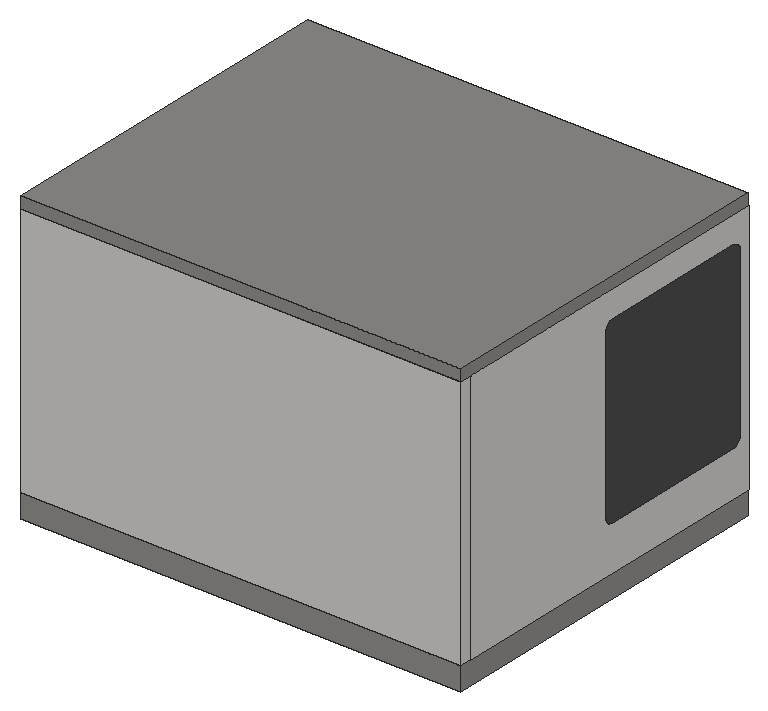
Revit family "QF_ZANUSSI_730296_IHD220M230SNP", category Attrezzature speciali, Revit 2018
Family settings
  Quota connettore circolare = Usa diametro
  Tipo di parte = Normale
  Basato su piano di lavoro = No
  Sempre verticale = Sì
  Taglio con vuoti quando caricato = No
  Condiviso = No
  Punto di calcolo locali = No
Parameters (values of type "Standard")
  Weight = 85.00 kg
  Watts = 1600 W
  Volts = 220 V
  URL Manufacturer = "http://www.zanussiprofessional.com"
  URL = "http://www.zanussiprofessional.com"
  Steam Supply Size = 0 mm
  Steam Supply Minimum Pressure = 0.0 Pa
  Steam Supply Maximum Pressure = 0.0 Pa
  Steam Pounds per Hour = 0
  Show Logo [instance] = yes
  Show Clearance [instance] = yes
  Refrigeration Suction Line Size = 0 mm
  Refrigeration Liquid Line Size = 0 mm
  Refrigerant Compressor Remote = yes
  Produttore = "Zanussi"
  Phase = 1
  Modello = "IHD220M230SNP"
  Length Actual = 762 mm  # constant formula
  Item Number = "730296"
  Hot Water Size = 0 mm
  Height Actual = 1676 mm  # constant formula
  HP = "2.1 HP"
  Gas Size = 0 mm
  Gas KW = 0
  Gas Input Pressure = 0 W
  Descrizione = "WATER COOLED HALF DICE ICE 220KG/24H-BIN 230KG MODULAR"
  Depth Actual = 819 mm  # constant formula
  Cycle = 50 Hz
  Condensate Return Size = 0 mm
  Compressed Air Volume = 0.0 L/s
  Compressed Air Size = 0 mm
  Compressed Air Pressure = 0.0 Pa
  Cold Water Size = 19.05 mm
  Accessory = yes
Reference planes
  plane 1 "Center X": y = 237.851
  plane 2: z = 0
  plane 3 "Center Y": x = -378
  plane 4 "LEFT": x = -759
  plane 5 "BACK": y = 547.851
  plane 6 "RIGHT": x = 3
  plane 7 "FRONT": y = -72.149
  plane 8 "TOP": z = 500
  plane 9: x = -739
  plane 10: x = -17
  plane 11: z = 40
  plane 12: z = 480
  plane 13: z = 400
  plane 14: y = -52.149
Forms (mm)
  Extrusion 1, solid, material "QF_Finishes_Stainless Steel"
    sketch origin (0, 0, 0) x (1, 0, 0) y (0, 1, 0)
      loop
        line (-759, 547.851) -> (-759, -52.149) -> (-739, -52.149) -> (-739, 547.851) -> (-759, 547.851)
      loop
        line (-17, 547.851) -> (-17, -52.149) -> (3, -52.149) -> (3, 547.851) -> (-17, 547.851)
    from 40 to 480
  Extrusion 2, solid, material "QF_Finishes_Stainless Steel_Darkgray"
    sketch origin (0, 0, 0) x (1, 0, 0) y (0, 1, 0)
      loop
        line (-759, 547.851) -> (-759, -72.149) -> (3, -72.149) -> (3, 547.851) -> (-759, 547.851)
    from 480 to 500
  Extrusion 3, solid, material "QF_Finishes_Stainless Steel_Darkgray"
    sketch origin (0, 0, 0) x (1, 0, 0) y (0, 1, 0)
      loop
        line (-759, 547.851) -> (-759, -72.149) -> (3, -72.149) -> (3, 547.851) -> (-759, 547.851)
    from 0 to 40
  Extrusion 4, solid, material "QF_Finishes_Black"
    sketch origin (-759, 55.351, 75) x (0, 1, 0) y (0, 0, -1)
      loop
        arc (457.5, -360) -> (468.107, -355.607) -> (472.5, -345) r 15
        line (472.5, -345) -> (472.5, -59.749)
        arc (472.5, -59.749) -> (468.107, -49.142) -> (457.5, -44.749) r 15
        line (457.5, -44.749) -> (197.55, -44.749)
        arc (197.55, -44.749) -> (186.944, -49.142) -> (182.55, -59.749) r 15
        line (182.55, -59.749) -> (182.55, -345)
        arc (182.55, -345) -> (186.944, -355.607) -> (197.55, -360) r 15
        line (197.55, -360) -> (457.5, -360)
    from 0 to 2
  Extrusion 5, solid, material "QF_Finishes_Stainless Steel"
    sketch origin (-1061.619, 547.851, 823.153) x (0, 0, -1) y (-1, 0, 0)
      loop
        circle (417.153, -337.619) r 10
    from 0 to 10
  Extrusion 6, solid, material "QF_Finishes_Stainless Steel"
    sketch origin (-375.619, 547.851, 492.153) x (0, 0, -1) y (-1, 0, 0)
      loop
        circle (417.153, -337.619) r 10
    from 0 to 10
  Extrusion 7, solid, material "QF_Finishes_Stainless Steel"
    sketch origin (-1061.619, 547.851, 467.153) x (0, 0, -1) y (-1, 0, 0)
      loop
        circle (417.153, -337.619) r 10
    from 0 to 10
  Extrusion 8, solid, material "QF_Finishes_Stainless Steel"
    sketch origin (0, 0, 0) x (1, 0, 0) y (0, 1, 0)
      loop
        line (-739, 547.851) -> (-739, -52.149) -> (-17, -52.149) -> (-17, 547.851) -> (-739, 547.851)
    from 40 to 480
  Extrusion 9, solid, material "QF_Finishes_Stainless Steel"
    sketch origin (0, 0, 0) x (1, 0, 0) y (0, 1, 0)
      loop
        line (-759, -52.149) -> (-759, -72.149) -> (3, -72.149) -> (3, -52.149) -> (-759, -52.149)
    from 40 to 480
  Extrusion 10, solid, material "QF_Finishes_Black"
    sketch origin (3, 55.351, 75) x (0, 1, 0) y (0, 0, 1)
      loop
        line (457.5, 360) -> (197.55, 360)
        arc (197.55, 360) -> (186.944, 355.607) -> (182.55, 345) r 15
        line (182.55, 345) -> (182.55, 59.749)
        arc (182.55, 59.749) -> (186.944, 49.142) -> (197.55, 44.749) r 15
        line (197.55, 44.749) -> (457.5, 44.749)
        arc (457.5, 44.749) -> (468.107, 49.142) -> (472.5, 59.749) r 15
        line (472.5, 59.749) -> (472.5, 345)
        arc (472.5, 345) -> (468.107, 355.607) -> (457.5, 360) r 15
    from 0 to 2
  Extrusion 11, solid, material "QF_Finishes_Stainless Steel"
    sketch origin (-1061.619, 547.851, 723.153) x (0, 0, -1) y (-1, 0, 0)
      loop
        circle (417.153, -337.619) r 10
    from 0 to 10
  Extrusion 12, solid, material "QF_Finishes_Stainless Steel"
    sketch origin (-1061.619, 547.851, 595.153) x (0, 0, -1) y (-1, 0, 0)
      loop
        circle (417.153, -337.619) r 10
    from 0 to 10
Lines and regions (mm)
  symbolic lines
    curve 1: line (-759, 547.851, 0) -> (3, 547.851, 0)
    curve 2: line (-759, -72.149, 0) -> (-759, 547.851, 0)
    curve 3: line (3, -72.149, 0) -> (-759, -72.149, 0)
    curve 4: line (3, 547.851, 0) -> (3, -72.149, 0)
Dimensions and locks
  equal spacing: plane 4 "LEFT", plane 3 "Center Y", plane 6 "RIGHT"
  plane 4 "LEFT" to plane 6 "RIGHT" = 762 mm
  plane 5 "BACK" to plane 7 "FRONT" = 620 mm
  equal spacing: plane 5 "BACK", plane 1 "Center X", plane 7 "FRONT"
  plane 8 "TOP" to plane 2 = 500 mm
  locked: plane 4 "LEFT" to plane 9 at 20
  locked: plane 10 to plane 6 "RIGHT" at 20
  plane 11 to plane 2 = 40 mm
  locked: plane 8 "TOP" to plane 12 at 20
  locked: plane 12 to plane 13 at 80
  plane 14 to plane 7 "FRONT" = 20 mm
  aligned and locked: level to plane 2
  aligned and locked: Extrusion 1 sketch curve to plane 5 "BACK"  (x2)
  aligned and locked: plane 4 "LEFT" to Extrusion 1 sketch curve
  aligned and locked: Extrusion 1 sketch curve to plane 9
  aligned and locked: plane 10 to Extrusion 1 sketch curve
  aligned and locked: Extrusion 1 sketch curve to plane 6 "RIGHT"
  aligned and locked: plane 12 to Extrusion 1
  aligned and locked: plane 8 "TOP" to Extrusion 2
  aligned and locked: Extrusion 2 to Extrusion 1
  aligned and locked: plane 11 to Extrusion 3
  aligned and locked: Extrusion 8 sketch curve to Extrusion 3
  aligned and locked: plane 14 to Extrusion 8 sketch curve
  aligned and locked: Extrusion 8 sketch curve to plane 10
  aligned and locked: Extrusion 1 to Extrusion 8
  aligned and locked: Extrusion 8 to plane 11
  aligned and locked: plane 14 to Extrusion 1 sketch curve  (x2)
  aligned and locked: Extrusion 9 sketch curve to Extrusion 1  (x2)
  aligned and locked: Extrusion 9 sketch curve to Extrusion 2  (x2)
  aligned and locked: Extrusion 9 to Extrusion 1
  aligned and locked: Extrusion 9 to plane 11
  aligned and locked: plane 4 "LEFT" to Extrusion 3 sketch curve
  aligned and locked: Extrusion 3 sketch curve to plane 6 "RIGHT"
  aligned and locked: Extrusion 1 to plane 11
Automatic sketch dimensions
  curve 3 to plane 4 "LEFT" = 0 mm
  curve 3 to plane 6 "RIGHT" = 0 mm
  curve 3 to plane 7 "FRONT" = 0 mm
  curve 2 to plane 5 "BACK" = 0 mm
  Extrusion 2 sketch curve to plane 4 "LEFT" = 0 mm
  Extrusion 2 sketch curve to plane 6 "RIGHT" = 0 mm
  Extrusion 2 sketch curve to plane 7 "FRONT" = 0 mm
  Extrusion 2 sketch curve to plane 5 "BACK" = 0 mm
  Extrusion 3 sketch curve to plane 7 "FRONT" = 0 mm
  Extrusion 3 sketch curve to plane 5 "BACK" = 0 mm
  Extrusion 4 sketch curve to plane 1 "Center X" = 0.05 mm
  Extrusion 4 sketch curve to plane 1 "Center X" = 15.05 mm  (x2)
  Extrusion 4 sketch curve to plane 5 "BACK" = 35 mm  (x2)
  plane 13 to Extrusion 4 sketch curve = 20 mm
  Extrusion 4 sketch curve to Extrusion 4 sketch curve = 15 mm
  plane 11 to Extrusion 4 sketch curve = 94.749 mm
  plane 13 to Extrusion 5 sketch curve = 6 mm
  plane 9 to Extrusion 5 sketch curve = 15 mm
  plane 11 to Extrusion 6 sketch curve = 35 mm
  Extrusion 6 sketch curve to plane 10 = 21 mm
  plane 11 to Extrusion 7 sketch curve = 10 mm
  plane 9 to Extrusion 7 sketch curve = 15 mm
  Extrusion 8 sketch curve to plane 9 = 0 mm
  Extrusion 10 sketch curve to plane 1 "Center X" = 0.05 mm
  Extrusion 10 sketch curve to plane 1 "Center X" = 15.05 mm  (x2)
  Extrusion 10 sketch curve to plane 5 "BACK" = 35 mm  (x2)
  plane 13 to Extrusion 10 sketch curve = 20 mm
  Extrusion 10 sketch curve to Extrusion 10 sketch curve = 15 mm
  plane 11 to Extrusion 10 sketch curve = 94.749 mm
  plane 9 to Extrusion 11 sketch curve = 15 mm
  Extrusion 11 sketch curve to plane 13 = 94 mm
  plane 9 to Extrusion 12 sketch curve = 15 mm
  plane 11 to Extrusion 12 sketch curve = 138 mm
  radius of Extrusion 5 sketch curve = 10 mm
  radius of Extrusion 6 sketch curve = 10 mm
  radius of Extrusion 7 sketch curve = 10 mm
  radius of Extrusion 11 sketch curve = 10 mm
  radius of Extrusion 12 sketch curve = 10 mm
Connectors
  electrical at (-38, 557.851, 75), driven by "Volts"
    settings: on Extrusion 6, index 1, voltage 220 V, apparent load 0 VA, apparent load phase1 0 VA, apparent load phase2 0 VA, apparent load phase3 0 VA, power factor 1, load classification "Altro", number of poles 1, system type 30, power factor state 1, is connector primary yes, connector utility no, sub classification motor no, connector description "Electrical Connection"
  piping at (-724, 557.851, 406), diameter 20
    settings: on Extrusion 5, index 2, connector inside diameter 609.6 mm, connector length 0 mm, flow factor 0, pipe flow 0.0 L/s, pressure drop 0.0 Pa, fitting loss kfactor 0, connector angle 0.00°, fixture units 0, engagement length 0 mm, angle of deflection 0.00°, flow configuration 0, flow direction 0, fitting loss method 0, system type 20, joint type 0, gender type 0, connector reference index -1, connector utility 0, adjustable connector no, is connector primary yes, connector description "Cold water"
  piping at (-724, 557.851, 50), diameter 20
    settings: on Extrusion 7, index 3, connector inside diameter 609.6 mm, connector length 0 mm, flow factor 0, pipe flow 0.0 L/s, pressure drop 0.0 Pa, fitting loss kfactor 0, connector angle 0.00°, fixture units 0, engagement length 0 mm, angle of deflection 0.00°, flow configuration 0, flow direction 0, fitting loss method 0, system type 16, joint type 0, gender type 0, connector reference index -1, connector utility 0, adjustable connector no, is connector primary no, connector description "Drain"
  piping at (-724, 557.851, 306), diameter 20
    settings: on Extrusion 11, index 4, connector inside diameter 609.6 mm, connector length 0 mm, flow factor 0, pipe flow 0.0 L/s, pressure drop 0.0 Pa, fitting loss kfactor 0, connector angle 0.00°, fixture units 0, engagement length 0 mm, angle of deflection 0.00°, flow configuration 0, flow direction 0, fitting loss method 0, system type 20, joint type 0, gender type 0, connector reference index -1, connector utility 0, adjustable connector no, is connector primary no, connector description "Cold water"
  piping at (-724, 557.851, 178), diameter 20
    settings: on Extrusion 12, index 5, connector inside diameter 609.6 mm, connector length 0 mm, flow factor 0, pipe flow 0.0 L/s, pressure drop 0.0 Pa, fitting loss kfactor 0, connector angle 0.00°, fixture units 0, engagement length 0 mm, angle of deflection 0.00°, flow configuration 0, flow direction 0, fitting loss method 0, system type 16, joint type 0, gender type 0, connector reference index -1, connector utility 0, adjustable connector no, is connector primary no, connector description "Drain"
